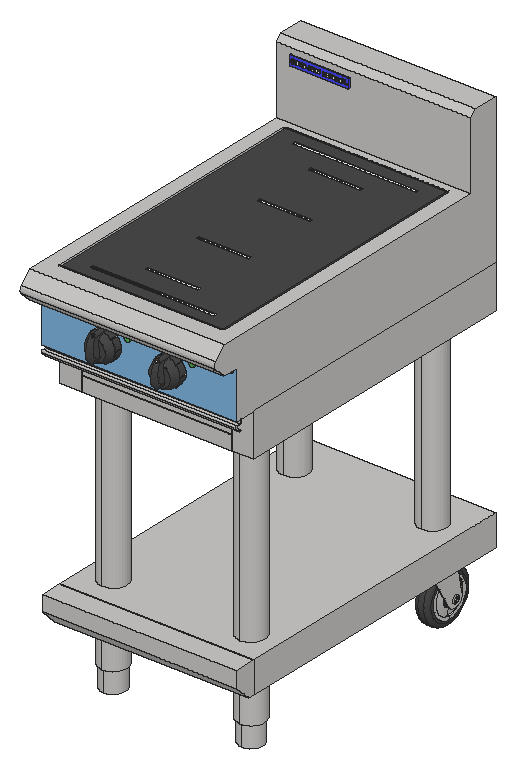
Revit family "QF_Moffat_IN512F-LS_Induction_Cooktop_cat", category Specialty Equipment, Revit 2019 (continued)
Definition of nested family "Knob"
  Forms (mm)
    Revolve 1, solid
      sketch origin (32.5, 175.397, 1219.2) x (0, 1, 0) y (0, 0, 1)
        loop
          line (-175.397, -1186.7) -> (-219.397, -1186.7) -> (-219.397, -1211.501) -> (-202.106, -1219.2) -> (-185.397, -1219.2) -> (-185.397, -1191.7) -> (-175.397, -1191.7) -> (-175.397, -1186.7)
        axis (-219.397, -1186.7) -> (-175.397, -1186.7)
      angle from 0 to 360
    Extrusion 2, solid
      sketch origin (32.5, 175.397, 1219.2) x (0, 1, 0) y (0, 0, 1)
        loop
          line (-202.106, -1154.2) -> (-185.397, -1154.2) -> (-185.397, -1149.7) -> (-224.105, -1149.7)
          arc (-224.105, -1149.7) -> (-233.965, -1178.467) -> (-230.696, -1208.7) r 70
          line (-230.696, -1208.7) -> (-219.397, -1208.7) -> (-219.397, -1161.899) -> (-202.106, -1154.2)
      from -15 to 15
    Extrusion 3, void
      sketch origin (0, 0, 0) x (1, 0, 0) y (0, 0, 1)
        loop
          line (27.501, 64.613) -> (22.02, 20.585)
          arc (22.02, 20.585) -> (32.792, 10.488) -> (42.986, 21.169) r 10.487
          line (42.986, 21.169) -> (37.499, 64.613)
          arc (37.499, 64.613) -> (32.5, 69.5) -> (27.501, 64.613) r 5
        loop
          line (10, 72.977) -> (10, 5.625) -> (55, 5.625) -> (55, 72.977) -> (10, 72.977)
      from 6.142 to 69.687
    Extrusion 4, solid
      sketch origin (0, -34.115, -16.916) x (1, 0, 0) y (0, 0.45399, 0.891007)
        loop
          circle (32.497, 65) r 2
      from 51.525 to 53.075
    Extrusion 5, solid
      sketch origin (32.5, -10, 32.5) x (0, 0, -1) y (-1, 0, 0)
        loop
          line (-23.54, -22.408) -> (-24.106, -22.974)
          arc (-24.106, -22.974) -> (-23.547, -23.547) -> (-22.974, -24.106) r 33.3
          line (-22.974, -24.106) -> (-22.408, -23.54)
          arc (-22.408, -23.54) -> (-22.981, -22.981) -> (-23.54, -22.408) r 32.5
        loop
          arc (-0.8, -33.29) -> (0, -33.3) -> (0.8, -33.29) r 33.3
          line (0.8, -33.29) -> (0.8, -32.49)
          arc (0.8, -32.49) -> (0, -32.5) -> (-0.8, -32.49) r 32.5
          line (-0.8, -32.49) -> (-0.8, -33.29)
        loop
          arc (23.54, -22.408) -> (22.981, -22.981) -> (22.408, -23.54) r 32.5
          line (22.408, -23.54) -> (22.974, -24.106)
          arc (22.974, -24.106) -> (23.547, -23.547) -> (24.106, -22.974) r 33.3
          line (24.106, -22.974) -> (23.54, -22.408)
        loop
          arc (-23.54, 22.408) -> (-22.981, 22.981) -> (-22.408, 23.54) r 32.5
          line (-22.408, 23.54) -> (-22.974, 24.106)
          arc (-22.974, 24.106) -> (-23.547, 23.547) -> (-24.106, 22.974) r 33.3
          line (-24.106, 22.974) -> (-23.54, 22.408)
        loop
          line (-0.8, 33.29) -> (-0.8, 32.49)
          arc (-0.8, 32.49) -> (0, 32.5) -> (0.8, 32.49) r 32.5
          line (0.8, 32.49) -> (0.8, 33.29)
          arc (0.8, 33.29) -> (0, 33.3) -> (-0.8, 33.29) r 33.3
        loop
          line (32.49, -0.8) -> (33.29, -0.8)
          arc (33.29, -0.8) -> (33.3, 0) -> (33.29, 0.8) r 33.3
          line (33.29, 0.8) -> (32.49, 0.8)
          arc (32.49, 0.8) -> (32.5, 0) -> (32.49, -0.8) r 32.5
        loop
          arc (24.106, 22.974) -> (23.547, 23.547) -> (22.974, 24.106) r 33.3
          line (22.974, 24.106) -> (22.408, 23.54)
          arc (22.408, 23.54) -> (22.981, 22.981) -> (23.54, 22.408) r 32.5
          line (23.54, 22.408) -> (24.106, 22.974)
      from 0 to -16.709
  Cuts and joins
    Extrusion 3 cuts Extrusion 2
  Dimensions and locks
    equal spacing: plane 3 "LEFT", plane 7 "Center Y", plane 4 "RIGHT"
    "Length": plane 3 "LEFT" to plane 4 "RIGHT"
    equal spacing: plane 5 "FRONT", plane 8 "Center X", plane 1 "BACK"
    "Depth": plane 5 "FRONT" to plane 1 "BACK"
    "Height": plane 6 "TOP" to level
    plane 4 "RIGHT" to plane 3 "LEFT" = 65 mm
    aligned and locked: level to plane 2
  Automatic sketch dimensions
    Revolve 1 sketch curve to level = 0 mm
    Revolve 1 sketch curve to plane 1 "BACK" = 0 mm  (x2)
    plane 1 "BACK" to Revolve 1 sketch curve = 10 mm
    plane 8 "Center X" to Revolve 1 sketch curve = 2.791 mm
    Revolve 1 sketch curve to plane 8 "Center X" = 14.5 mm
    level to Revolve 1 sketch curve = 7.699 mm
    level to Revolve 1 sketch curve = 27.5 mm
    Revolve 1 sketch curve to Revolve 1 sketch curve = 5 mm
    Revolve 1 sketch curve to Revolve 1 sketch curve = 35 mm
    Revolve 1 sketch curve to Revolve 1 sketch curve = 0 mm
    Extrusion 2 sketch curve to plane 6 "TOP" = 0 mm
    Extrusion 2 sketch curve to plane 5 "FRONT" = 3.702 mm
    Extrusion 2 sketch curve to plane 5 "FRONT" = 10.293 mm
    Extrusion 2 sketch curve to Extrusion 2 sketch curve = 11.298 mm
    plane 8 "Center X" to Extrusion 2 sketch curve = 2.791 mm
    plane 1 "BACK" to Extrusion 2 sketch curve = 10 mm
    Extrusion 2 sketch curve to plane 1 "BACK" = 11 mm
    Extrusion 2 sketch curve to plane 6 "TOP" = 4.5 mm
    Extrusion 2 sketch curve to plane 6 "TOP" = 12.199 mm
    level to Extrusion 2 sketch curve = 32.962 mm
    level to Extrusion 3 sketch curve = 5.625 mm
    Extrusion 3 sketch curve to plane 7 "Center Y" = 0 mm  (x2)
    Extrusion 3 sketch curve to plane 7 "Center Y" = 4.999 mm
    Extrusion 3 sketch curve to plane 7 "Center Y" = 10.48 mm
    plane 6 "TOP" to Extrusion 3 sketch curve = 3.477 mm
    plane 3 "LEFT" to Extrusion 3 sketch curve = 10 mm
    Extrusion 3 sketch curve to plane 6 "TOP" = 4.887 mm
    Extrusion 3 sketch curve to Extrusion 3 sketch curve = 4.999 mm
    plane 7 "Center Y" to Extrusion 3 sketch curve = 10.486 mm
    level to Extrusion 3 sketch curve = 20.585 mm
    Extrusion 3 sketch curve to Extrusion 3 sketch curve = 0.387 mm
    Extrusion 3 sketch curve to Extrusion 3 sketch curve = 0.113 mm
    plane 4 "RIGHT" to Extrusion 3 sketch curve = 10 mm
    Extrusion 5 sketch curve to Revolve 1 = 32.49 mm
    Revolve 1 to Extrusion 5 sketch curve = 32.49 mm
    Extrusion 5 sketch curve to Revolve 1 = 23.54 mm  (x2)
    Revolve 1 to Extrusion 5 sketch curve = 23.54 mm  (x2)
    Extrusion 5 sketch curve to Revolve 1 = 24.106 mm  (x2)
    Revolve 1 to Extrusion 5 sketch curve = 24.106 mm  (x2)
    Revolve 1 to Extrusion 5 sketch curve = 22.408 mm  (x2)
    Extrusion 5 sketch curve to Revolve 1 = 22.408 mm  (x2)
    Revolve 1 to Extrusion 5 sketch curve = 22.974 mm  (x2)
    Extrusion 5 sketch curve to Revolve 1 = 22.974 mm  (x2)
    Extrusion 5 sketch curve to Extrusion 5 sketch curve = 1.6 mm  (x2)
    Revolve 1 to Extrusion 5 sketch curve = 0.8 mm
    Extrusion 5 sketch curve to Revolve 1 = 0.8 mm
    Extrusion 4 sketch curve to plane 7 "Center Y" = 0.003 mm
    radius of Extrusion 5 sketch curve to Revolve 1 = 0 mm  (x7)
    radius of Revolve 1 to Extrusion 5 sketch curve = 0.8 mm  (x7)
    radius of Extrusion 4 sketch curve = 2 mm
